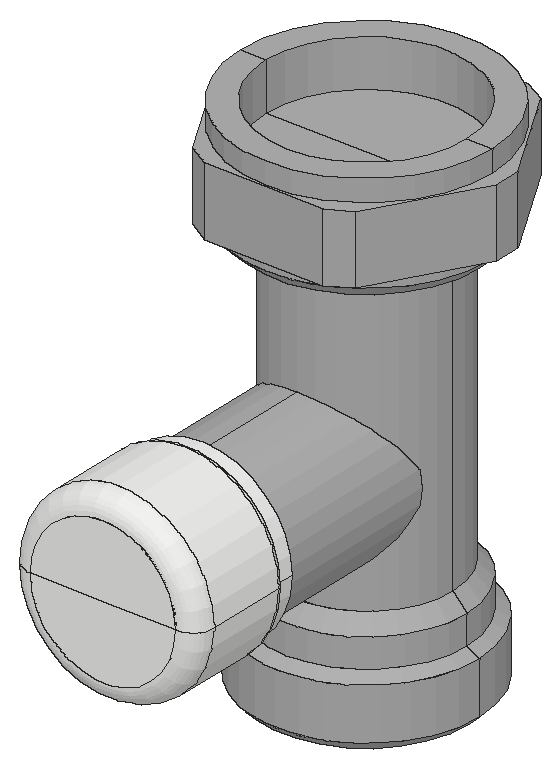
Revit family "VG_Арматура_УзелНижнегоПодключенияРадиаторов_ОдинарныйПрямой_VG-608101_VALOGIN", category Арматура трубопроводов, Revit 2019
Family settings
  Размер круглого соединителя = Использовать диаметр
  Тип детали = Вставляется
  На основе рабочей плоскости = Нет
  Всегда вертикально = Да
  При загрузке вырезать с полостями = Нет
  Общий = Нет
Parameters
  Средний полный срок службы = "20 лет"  # constant formula
  Размер_Отступ присоединения_Снизу_Доп [instance] = if(and(Размер_Отступ присоединения_Снизу > -10 mm, Размер_Отступ присоединения_Снизу < 0 mm), 25.5 mm + Размер_Отступ присоединения_Снизу, if(and(Размер_Отступ присоединения_Снизу < 10 mm, Размер_Отступ присоединения_Снизу > 0 mm), 25.5 mm + Размер_Отступ присоединения_Снизу, 25.5 mm))  # 25.5 mm
  Размер_Отступ присоединения_Снизу [instance] = 0 mm
  Размер_Отступ присоединения_Сверху_Доп [instance] = if(and(Размер_Отступ присоединения_Сверху > -10 mm, Размер_Отступ присоединения_Сверху < 0 mm), 30.2 mm + Размер_Отступ присоединения_Сверху, if(and(Размер_Отступ присоединения_Сверху < 10 mm, Размер_Отступ присоединения_Сверху > 0 mm), 30.2 mm + Размер_Отступ присоединения_Сверху, 30.2 mm))  # 30.2 mm
  Размер_Отступ присоединения_Сверху [instance] = 0 mm
  Размер = "3/4\", «плоскость»"  # constant formula
  Пробное давление = 1.5 MPa  # constant formula
  Описание = "Назначение: Одинарные узлы арт. VG-608101 и VG-608201 применяются для подключения отопительных приборов\r\nс нижним выходом присоединительных патрубков с соединением типа 3/4\" «евроконус» или внутренней\r\nрезьбой 1/2\" и с любым межосевым расстоянием патрубков. Для подключения одного радиатора необходимо два одинарных узла."  # constant formula
  Номинальное давление = 1.0 MPa  # constant formula
  Максимальный коэффициент пропускной способности = 1.31 m³/h  # constant formula
  Максимальная рабочая температура теплоносителя = 120 °C  # constant formula
  Изготовитель = [ADSK_Завод-изготовитель]  # "VALOGIN"
  Watermark [instance] = "Модели защищены уникальным кодом"
  URL = "https://valogin.technology/"
  BL_Разработано = "support@bimlib.pro"
  BL_Email = "info@valogin.technology"
  BL_BIM library = "https://bimlib.pro/manufacturer/valogin/8883711c-4e92-4f72-b261-fa5834242b0a/"
  ADSK_Расход жидкости [instance] = 0.0 m³/h
  ADSK_Размер_Ширина = 32.9 mm  # constant formula
  ADSK_Размер_Диаметр = 20 mm  # constant formula
  ADSK_Размер_Глубина = 38.5 mm  # constant formula
  ADSK_Размер_Высота = 61.2 mm  # constant formula
  ADSK_Потеря давления жидкости [instance] = 0.0 MPa
  ADSK_Наименование краткое = "Узел одинарный, прямой"  # constant formula
  ADSK_Наименование = "Узел одинарный, прямой с вентильными затворами для подключения радиаторов в двухтрубных системах отопления"  # constant formula
  ADSK_Материал = VG_Металл_Серебро_VALOGIN
  ADSK_Масса_Текст = "0.157"  # constant formula
  ADSK_Масса = 0.157  # constant formula
  ADSK_Марка = ADSK_Код изделия  # "VG-608101"
  ADSK_Количество = 1  # constant formula
  ADSK_Код изделия = "VG-608101"  # constant formula
  ADSK_Завод-изготовитель = "VALOGIN"  # constant formula
  ADSK_Единица измерения = "шт."  # constant formula
  ADSK_Группирование = "Радиаторная арматура"  # constant formula
  ADSK_Версия семейства = "v.1.0"  # constant formula
  ADSK_Версия Revit = "2019"  # constant formula
  ADSK_URL страницы изделия = "https://valogin.technology/index.php?route=product/product&search=608101&product_id=722&search=608101"
  ADSK_URL документации изделия = "https://valogin.technology/image/catalog/VG-tehpasport/%D0%A2%D0%B5%D1%85%D0%BF%D0%B0%D1%81%D0%BF%D0%BE%D1%80%D1%82%20%D0%A3%D0%97%D0%9B%D0%AB%20%D0%92%D0%93.606-9.01%D0%9F%D0%A1.pdf"
Reference planes
  plane 1 "По центру (Вперед/Назад)": y = 0
  plane 2: z = 0
  plane 3 "По центру (Влево/Вправо)": x = 0
  plane 4: z = -35.7
  plane 5: y = -38.5
  plane 6: z = -5.5
  plane 7: z = -5.5
  plane 8: z = -61.2
Forms (mm)
  Revolve 1, solid, material "VG_Металл_Серебро_VALOGIN" <- "ADSK_Материал", detail levels fine
    sketch origin (0, 0, -61.2) x (1, 0, 0) y (0, 0, 1)
      loop
        line (-10.1, 13.3) -> (-11.75, 11.5) -> (-11.75, 8.149) -> (-13.22, 7.3) -> (-13.22, 1.2) -> (-12.021, 0) -> (0, 0) -> (0, 55.7) -> (-11.75, 55.7) -> (-11.75, 48.2) -> (-10.1, 48.2) -> (-10.1, 13.3)
      axis (0, 55.7) -> (0, 0)
    angle from 0 to 360
  Revolve 2, solid, material "VG_Металл_Серебро_VALOGIN" <- "ADSK_Материал", detail levels fine
    sketch origin (0, 0, -61.2) x (0, 1, 0) y (0, 0, 1)
      loop
        line (0, 35) -> (-24, 35) -> (-24, 25.5) -> (0, 25.5) -> (0, 35)
      axis (-24, 25.5) -> (0, 25.5)
    angle from 0 to 360
Cuts and joins
  joined: Revolve 1, Revolve 2
Lines and regions (mm)
  reference lines
    curve 1: line (0, 0, -35.7) -> (0, 0, -5.5)
    curve 2: line (0, 0, -61.2) -> (0, 0, -35.7)
  model lines, style "VG_УГО", detail levels coarse+medium
    curve 3: line (0, 0, -61.2) -> (0, 0, -5.5)
    curve 4: line (-16.427, 0, -5.5) -> (16.427, 0, -5.5)
    curve 5: line (-16.427, 0, -61.2) -> (16.427, 0, -61.2)
Dimensions and locks
  "ADSK_Размер_Глубина": plane 1 "По центру (Вперед/Назад)" to plane 5
  "Размер_Отступ присоединения_Сверху_Доп": curve 1 to plane 4
  "Размер_Отступ присоединения_Снизу_Доп": plane 4 to curve 2
  locked: plane 2 to plane 7 at 5.5
  "ADSK_Размер_Высота": plane 2 to plane 8
  locked: plane 4 to plane 8 at 25.5
  aligned and locked: level to plane 2
  aligned and locked: Revolve 1 sketch curve to plane 3 "По центру (Влево/Вправо)"
  aligned and locked: plane 3 "По центру (Влево/Вправо)" to nested 1
  aligned and locked: plane 1 "По центру (Вперед/Назад)" to nested 1
  aligned and locked: Revolve 2 sketch curve to plane 4
  aligned and locked: plane 1 "По центру (Вперед/Назад)" to Revolve 2 sketch curve
  aligned and locked: plane 4 to nested 2
  aligned and locked: nested 2 to Revolve 2
  aligned and locked: plane 3 "По центру (Влево/Вправо)" to nested 2
  aligned and locked: plane 4 to curve 2
  aligned and locked: curve 3 to curve 2
  aligned and locked: curve 4 to curve 3
  aligned and locked: curve 5 to curve 3
  aligned and locked: curve 4 to curve 1
  aligned and locked: curve 5 to curve 2
Automatic sketch dimensions
  Revolve 1 sketch curve to level = 61.2 mm
  Revolve 1 sketch curve to plane 6 = 0 mm
  Revolve 1 sketch curve to plane 3 "По центру (Влево/Вправо)" = 0 mm
  Revolve 1 sketch curve to plane 3 "По центру (Влево/Вправо)" = 10.1 mm
  Revolve 1 sketch curve to Revolve 1 sketch curve = 1.65 mm  (x2)
  Revolve 1 sketch curve to Revolve 1 sketch curve = 0.27 mm
  Revolve 1 sketch curve to Revolve 1 sketch curve = 1.47 mm
  Revolve 1 sketch curve to level = 60 mm
  Revolve 1 sketch curve to Revolve 1 sketch curve = 6.1 mm
  Revolve 1 sketch curve to Revolve 1 sketch curve = 0.849 mm
  Revolve 1 sketch curve to Revolve 1 sketch curve = 3.351 mm
  Revolve 1 sketch curve to Revolve 1 sketch curve = 1.8 mm
  Revolve 1 sketch curve to plane 6 = 7.5 mm
  Revolve 1 sketch curve to level = 427.245 mm
  curve 5 to plane 3 "По центру (Влево/Вправо)" = 16.427 mm
  curve 4 to plane 3 "По центру (Влево/Вправо)" = 16.427 mm
  plane 3 "По центру (Влево/Вправо)" to curve 5 = 16.427 mm
  plane 3 "По центру (Влево/Вправо)" to curve 4 = 16.427 mm
  plane 4 to Revolve 2 sketch curve = 0 mm
  plane 5 to Revolve 2 sketch curve = 14.5 mm
  Revolve 2 sketch curve to plane 4 = 9.5 mm
  Revolve 2 sketch curve to plane 5 = 2788.016 mm
  Revolve 2 sketch curve to plane 1 "По центру (Вперед/Назад)" = 1442.421 mm
  level to Revolve 1 sketch curve = 2153.115 mm
  curve 1 to plane 3 "По центру (Влево/Вправо)" = 0 mm
Nested families
  nested 1: "VG_Вл-3D_НакиднаяГайка_VALOGIN" at (0, 0, -13), ADSK_Материал <- "ADSK_Материал", type "VG_Вл-3D_НакиднаяГайка_VALOGIN", detail levels fine
    with ADSK_Материал VG_Металл_Серебро_VALOGIN
  nested 2: "VG_Вл-3D_ДекоративныйКолпачек_VALOGIN" at (0, -24, -35.7), type "VG_Вл-3D_ДекоративныйКолпачек_VALOGIN", detail levels fine
    with ADSK_Материал VG_Пластик_Белый_VALOGIN
Connectors
  piping at (0, 0, -5.5), diameter 20, driven by "ADSK_Размер_Диаметр", driven by "ADSK_Расход жидкости", driven by "ADSK_Потеря давления жидкости"
    settings: on curve 1, index 1, connector inside diameter 609.6 mm, connector length 0 mm, flow factor 0, pipe flow 0.0 m³/h, pressure drop 0.0 MPa, fitting loss kfactor 0, connector angle 0.00°, fixture units 0, engagement length 0 mm, angle of deflection 0.00°, flow configuration 0, flow direction 0, fitting loss method 0, system type 28, joint type 0, gender type 0, connector reference index 2, connector utility 0, adjustable connector no, is connector primary yes, connector description ""
  piping at (0, 0, -61.2), diameter 20, driven by "ADSK_Размер_Диаметр", driven by "ADSK_Расход жидкости"
    settings: on curve 2, index 2, connector inside diameter 609.6 mm, connector length 0 mm, flow factor 0, pipe flow 0.0 m³/h, pressure drop 0.0 MPa, fitting loss kfactor 0, connector angle 0.00°, fixture units 0, engagement length 0 mm, angle of deflection 0.00°, flow configuration 0, flow direction 0, fitting loss method 0, system type 28, joint type 0, gender type 0, connector reference index 1, connector utility 0, adjustable connector no, is connector primary no, connector description ""
Definition of nested family "VG_Вл-3D_НакиднаяГайка_VALOGIN"
  Parameters (values of type "VG_Вл-3D_НакиднаяГайка_VALOGIN")
    Manufacturer = "VALOGIN"
    URL = "https://valogin.technology/"
    ADSK_Размер_Ширина = 30 mm
    ADSK_Размер_Диаметр = 20 mm
    ADSK_Размер_Глубина = 30 mm
    ADSK_Размер_Высота = 13 mm
    ADSK_Материал [instance] = none
  Reference planes
    plane 1 "По центру (Вперед/Назад)": y = 0
    plane 2: z = 0
    plane 3 "По центру (Влево/Вправо)": x = 0
    plane 4: x = -15
    plane 5: x = 15
    plane 6: y = 15
    plane 7: y = -15
    plane 8: z = 13
    plane 9: z = 10.5
    plane 10: z = 2.5
  Forms (mm)
    Extrusion 1, solid, material <- "ADSK_Материал"
      sketch origin (0, 0, 0) x (1, 0, 0) y (0, 1, 0)
        loop
          line (-16.427, 1.547) -> (-16.427, -1.547) -> (-9.553, -13.453) -> (-6.874, -15) -> (6.874, -15) -> (9.553, -13.453) -> (16.427, -1.547) -> (16.427, 1.547) -> (9.553, 13.453) -> (6.874, 15) -> (-6.874, 15) -> (-9.553, 13.453) -> (-16.427, 1.547)
        loop
          circle (0, 0) r 11.75
      from 2.5 to 10.5
    Revolve 2, solid, material <- "ADSK_Материал"
      sketch origin (0, 0, 0) x (1, 0, 0) y (0, 0, 1)
        loop
          line (-11.75, 13) -> (-14.75, 13) -> (-14.75, 1.5) -> (-13.25, 0) -> (-11.75, 0) -> (-11.75, 13)
        axis (0, 13) -> (0, 0)
      angle from 0 to 360
  Cuts and joins
    joined: Extrusion 1, Revolve 2
  Dimensions and locks
    equal spacing: plane 4, plane 3 "По центру (Влево/Вправо)", plane 5
    "ADSK_Размер_Ширина": plane 4 to plane 5
    equal spacing: plane 6, plane 1 "По центру (Вперед/Назад)", plane 7
    "ADSK_Размер_Глубина": plane 6 to plane 7
    "ADSK_Размер_Высота": plane 8 to plane 2
    plane 8 to plane 9 to plane 10 to plane 2 = 2.5 mm locked, 8 mm locked, 2.5 mm locked
    aligned and locked: level to plane 2
    aligned and locked: plane 9 to Extrusion 1
    aligned and locked: Extrusion 1 to plane 10
    aligned and locked: Revolve 2 sketch curve to plane 3 "По центру (Влево/Вправо)"
  Automatic sketch dimensions
    Extrusion 1 sketch curve to plane 7 = 0 mm
    Extrusion 1 sketch curve to plane 6 = 0 mm
    plane 1 "По центру (Вперед/Назад)" to Extrusion 1 sketch curve = 0 mm
    Extrusion 1 sketch curve to plane 3 "По центру (Влево/Вправо)" = 0 mm
    Extrusion 1 sketch curve to plane 3 "По центру (Влево/Вправо)" = 6.874 mm  (x2)
    Extrusion 1 sketch curve to plane 6 = 1.547 mm  (x2)
    Extrusion 1 sketch curve to Extrusion 1 sketch curve = 2.68 mm  (x4)
    plane 7 to Extrusion 1 sketch curve = 1.547 mm  (x2)
    Extrusion 1 sketch curve to plane 4 = 1.427 mm
    plane 3 "По центру (Влево/Вправо)" to Extrusion 1 sketch curve = 6.874 mm  (x2)
    plane 5 to Extrusion 1 sketch curve = 1.427 mm
    plane 1 "По центру (Вперед/Назад)" to Extrusion 1 sketch curve = 1.547 mm  (x2)
    Extrusion 1 sketch curve to plane 1 "По центру (Вперед/Назад)" = 1.547 mm  (x2)
    Revolve 2 sketch curve to plane 8 = 0 mm
    Revolve 2 sketch curve to level = 0 mm
    Revolve 2 sketch curve to Revolve 2 sketch curve = 1.5 mm
    plane 4 to Revolve 2 sketch curve = 0.25 mm
    Revolve 2 sketch curve to plane 10 = 1 mm
    Revolve 2 sketch curve to level = 366.045 mm
    plane 8 to Revolve 2 sketch curve = 2201.315 mm
    plane 4 to Revolve 2 sketch curve = 1.75 mm
    radius of Extrusion 1 sketch curve = 11.75 mm
Definition of nested family "VG_Вл-3D_ДекоративныйКолпачек_VALOGIN"
  Parameters (values of type "VG_Вл-3D_Заглушка_VALOGIN")
    Manufacturer = "VALOGIN"
    URL = "https://valogin.technology/"
    ADSK_Размер_Глубина = 14.5 mm
    ADSK_Материал [instance] = none
  Reference planes
    plane 1 "По центру (Вперед/Назад)": y = 0
    plane 2: z = 0
    plane 3 "По центру (Влево/Вправо)": x = 0
    plane 4: y = -14.5
  Forms (mm)
    Revolve 1, solid, material <- "ADSK_Материал"
      sketch origin (0, 0, 0) x (1, 0, 0) y (0, 1, 0)
        loop
          line (-10.4, 0) -> (-10.4, -2)
          arc (-10.4, -2) -> (-10.824, -2.176) -> (-11, -2.6) r 0.6
          line (-11, -2.6) -> (-11, -12)
          arc (-11, -12) -> (-10.268, -13.768) -> (-8.5, -14.5) r 2.5
          line (-8.5, -14.5) -> (0, -14.5) -> (0, 0) -> (-10.4, 0)
        axis (0, 0) -> (0, -14.5)
      angle from 0 to 360
  Dimensions and locks
    "ADSK_Размер_Глубина": plane 4 to plane 1 "По центру (Вперед/Назад)"
    aligned and locked: level to plane 2
    aligned and locked: Revolve 1 sketch curve to plane 3 "По центру (Влево/Вправо)"
  Automatic sketch dimensions
    plane 1 "По центру (Вперед/Назад)" to Revolve 1 sketch curve = 0 mm
    Revolve 1 sketch curve to plane 3 "По центру (Влево/Вправо)" = 0 mm
    Revolve 1 sketch curve to plane 4 = 0 mm
    Revolve 1 sketch curve to Revolve 1 sketch curve = 8.5 mm
    Revolve 1 sketch curve to plane 3 "По центру (Влево/Вправо)" = 10.4 mm
    Revolve 1 sketch curve to Revolve 1 sketch curve = 0.6 mm
    plane 1 "По центру (Вперед/Назад)" to Revolve 1 sketch curve = 2.6 mm
    Revolve 1 sketch curve to plane 4 = 1985.5 mm
    Revolve 1 sketch curve to plane 1 "По центру (Вперед/Назад)" = 2000 mm
